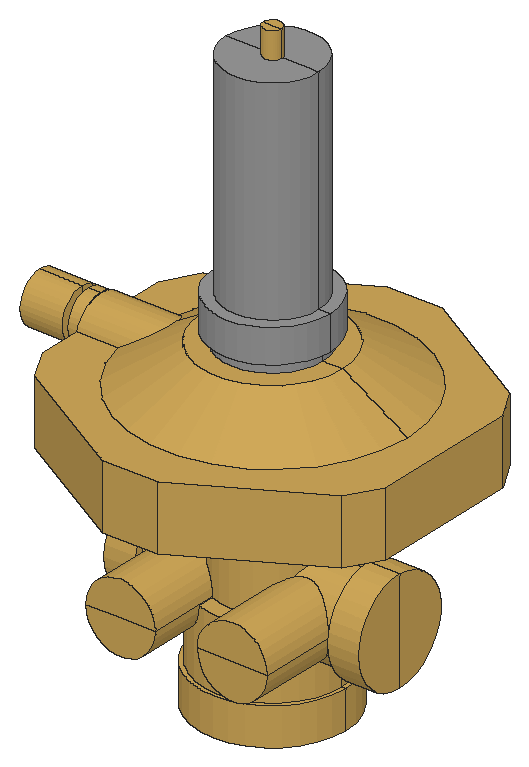
Revit family "Differenzdruckregler 4002 25-60kPa", category Rohrzubehör, Revit 2020
Family settings
  Bemaßung runder Anschluss = Durchmesser verwenden
  Teiletyp = Unterbricht
  OmniClass-Nummer = 23.65.55.14
  OmniClass-Titel = Valves for Liquid Services
  Arbeitsebenenbasiert = Nein
  Immer vertikal = Ja
  Beim Laden mit Abzugskörper schneiden = Nein
  Gemeinsam genutzt = Nein
Parameters (values of type "Ohne Dämmung")
  y2 [instance] = K14 + K9 + H01  # 45.649 mm
  y1 [instance] = (R03 * 2) + R05  # 66.000 mm
  Vorgabe-Ansicht = 0.000 mm
  PN = 16  # constant formula
  Min. Betriebstemperatur (Frostschutz) = -20 °C  # constant formula
  Max. zulässige Betriebstemperatur bis DN32 = 130 °C  # constant formula
  Max. zulässige Betriebstemperatur DN40 - DN50 = 110 °C  # constant formula
  Max. Differenzdruck am Gehäuse = 400000.0 Pa  # constant formula
  Max. Betriebsdruck = 1600000.0 Pa  # constant formula
  Ventilschaft = "Edelstahl 14301"  # constant formula
  VRL01 [instance] = 30.000 mm  # constant formula
  V12 = 17.000 mm  # constant formula
  V10 = 16.000 mm  # constant formula
  V09 [instance] = 11.000 mm  # constant formula
  V08 [instance] = G01 + 3.000 mm  # 16.220 mm
  V03 [instance] = G01 + 5.000 mm  # 18.220 mm
  V02 [instance] = V01 + 4.500 mm  # 12.000 mm
  V01 [instance] = Nennweite / 2  # 7.500 mm
  URL = "www.herz-armaturen.at"
  SCRNSEQ = "ARM;ARM_TYP=\"DIFR\";2"
  SCRNCODE = "05;03;4"  # constant formula
  S07 = 10.000 mm  # constant formula
  S05 [instance] = S01 - 1.000 mm  # 13.850 mm
  S04 [instance] = S02 - 1.000 mm  # 18.000 mm
  S03 [instance] = size_lookup("4002 25-60kPa", "S03", 26.500 mm, Nennweite)  # 25.600 mm
  S02 [instance] = size_lookup("4002 25-60kPa", "S02", 19.000 mm, Nennweite)  # 19.000 mm
  S01 [instance] = size_lookup("4002 25-60kPa", "S01", 14.850 mm, Nennweite)  # 14.850 mm
  Regleranschlussmutter = "Messing CW614N"  # constant formula
  Regelbereich = "25 - 60kPa"  # constant formula
  R06 [instance] = size_lookup("4002 25-60kPa", "R06", 14.500 mm, Nennweite)  # 14.500 mm
  R05 [instance] = size_lookup("4002 25-60kPa", "R05", 41.000 mm, Nennweite)  # 50.000 mm
  R04 [instance] = size_lookup("4002 25-60kPa", "R04", 12.500 mm, Nennweite)  # 12.500 mm
  R03 [instance] = size_lookup("4002 25-60kPa", "R03", 8.000 mm, Nennweite)  # 8.000 mm
  R02 = 14.500 mm  # constant formula
  R01 [instance] = size_lookup("4002 25-60kPa", "R01", 11.500 mm, Nennweite)  # 11.500 mm
  Min. Betriebstemperatur (reines Wasser) = 2 °C  # constant formula
  O-Ringe = "EPDM"  # constant formula
  Nennweite [instance] = 15.000 mm
  Membrangehäuse = "Messing CW602N"  # constant formula
  Membrane = "EPDM"  # constant formula
  Medium = "Wasserbeschaffenheit nach ÖNORM H 5195 und VDI 2035\r\nDie Verwendung von Ethylen- und Propylenglykol ist im\r\nMischungsverhältnis 25 - 50 Vol.-% zulässig."
  L07 [instance] = size_lookup("4002 25-60kPa", "L07", 28.500 mm, Nennweite)  # 33.000 mm
  L06 = 7.000 mm  # constant formula
  L [instance] = size_lookup("4002 25-60kPa", "L", 66.000 mm, Nennweite)  # 66.000 mm
  K9 = 4.000 mm  # constant formula
  K8 = 55.000 mm  # constant formula
  K7 = 8.700 mm  # constant formula
  K6 = 11.700 mm  # constant formula
  K5 = 13.000 mm  # constant formula
  K4 = 12.000 mm  # constant formula
  K3 = 15.000 mm  # constant formula
  K2 = 2.350 mm  # constant formula
  K18 = 89.000 mm  # constant formula
  K17 = 66.700 mm  # constant formula
  K16 = 3.000 mm  # constant formula
  K15 = 26.649 mm  # constant formula
  K14 = 16.649 mm  # constant formula
  K13 = 16.649 mm  # constant formula
  K12 = 10.000 mm  # constant formula
  K11 = 35.000 mm  # constant formula
  K10 = 18.250 mm  # constant formula
  K1.1 = 2.350 mm  # constant formula
  K1 = 7.651 mm - 1.000 mm  # 6.651 mm
  J9 = 15.700 mm  # constant formula
  J8 = 7.850 mm  # constant formula
  J7 = 15.897 mm  # constant formula
  J6 = 3.900 mm  # constant formula
  J5 = 6.500 mm  # constant formula
  J4 = 1.500 mm  # constant formula
  J3 = 3.200 mm  # constant formula
  J2 = 11.000 mm  # constant formula
  J11 = 3.500 mm  # constant formula
  J10 = 18.897 mm  # constant formula
  J1 = 6.500 mm  # constant formula
  Hersteller = "HERZ-Armaturen Ges.m.b.H"  # constant formula
  H2 [instance] = size_lookup("4002 25-60kPa", "H2", 28.000 mm, Nennweite)  # 28.000 mm
  H1 [instance] = K1 + K2 + K3 + K4 + K5 + K7 + K8 + K16 + 16.650 mm  # 132.351 mm
  H04 = 4.000 mm  # constant formula
  H03 = 9.800 mm  # constant formula
  H02 [instance] = size_lookup("4002 25-60kPa", "H02", 53.000 mm, Nennweite)  # 53.000 mm
  H01 [instance] = size_lookup("4002 25-60kPa", "H01", 25.000 mm, Nennweite)  # 25.000 mm
  Gehäuse = "DZR Messing CC770S"  # constant formula
  G01 [instance] = size_lookup("4002 25-60kPa", "G01", 13.220 mm, Nennweite)  # 13.220 mm
  Einstellspindel = "Messing CW614N"  # constant formula
  Hinweise zum Material = "Gemäß Art 33 der REACH-Verordnung (EG Nr. 1907/2006) sind wir verpflichtet, darauf hinzuweisen,\r\ndass der Stoff Blei auf der SVHC-Liste geführt wird und dass alle aus Messing bestehenden Bauteile,\r\ndie in unseren Erzeugnissen verarbeitet sind, mehr als 0,1 % (w/w) Blei (CAS: 7439-92-1 / EINECS:\r\n231-100-4) enthalten. Da Blei als Legierungsbestandteil fest gebunden ist, sind keine Expositionen zu\r\nerwarten und daher sind keine zusätzlichen Angaben zur sicheren Verwendung notwendig.\r\n\r\nIm Hanf enthaltenes Ammoniak schädigt\r\nMessingventilgehäuse, EPDM Dichtungen werden durch\r\nMineralöle bzw. mineralölhaltige Schmierstoffe aufgequollen\r\nund führen somit zum Ausfall der EPDM-Dichtungen. Für\r\nFrost- und Korrosionsschutzmittel auf der Basis von Ethylen- und Propylenglykol sind die entsprechenden\r\nAngaben den Unterlagen des Herstellers zu entnehmen."
  Dämmung = no
  Dämmschale = "EPP (expandiertes Polypropylen)"  # constant formula
  Druckfeder = "Federstahl 14310 NS"  # constant formula
  DN50 [instance] = Nennweite = 50.000 mm  # no
  DN40 [instance] = Nennweite = 40.000 mm  # no
  DN32-40 [instance] = or(Nennweite = 32.000 mm, Nennweite = 40.000 mm)  # no
  DN32 [instance] = Nennweite = 32.000 mm  # no
  DN25 [instance] = Nennweite = 25.000 mm  # no
  DN20 [instance] = Nennweite = 20.000 mm  # no
  DN15-25 [instance] = or(Nennweite = 15.000 mm, Nennweite = 20.000 mm, Nennweite = 25.000 mm)  # yes
  DN15,20,25,32,50 [instance] = or(Nennweite = 15.000 mm, Nennweite = 20.000 mm, Nennweite = 25.000 mm, Nennweite = 32.000 mm, Nennweite = 50.000 mm)  # yes
  DN15 [instance] = Nennweite = 15.000 mm  # yes
  D07 [instance] = if(Nennweite = 15.000 mm, 32.000 mm, if(Nennweite = 20.000 mm, 33.000 mm, if(Nennweite = 25.000 mm, 33.000 mm, if(Nennweite = 32.000 mm, 49.000 mm, if(Nennweite = 40.000 mm, 57.560 mm, if(Nennweite = 50.000 mm, 57.560 mm, 0.000 mm))))))  # 32.000 mm
  D06 [instance] = if(Nennweite = 15.000 mm, 32.000 mm, if(Nennweite = 20.000 mm, 33.000 mm, if(Nennweite = 25.000 mm, 33.000 mm, if(Nennweite = 32.000 mm, 49.000 mm, if(Nennweite = 40.000 mm, 57.560 mm, if(Nennweite = 50.000 mm, 57.560 mm, 0.000 mm))))))  # 32.000 mm
  D05 [instance] = if(Nennweite = 15.000 mm, 36.750 mm, if(Nennweite = 20.000 mm, 40.700 mm, if(Nennweite = 25.000 mm, 49.200 mm, if(Nennweite = 32.000 mm, 54.150 mm, if(Nennweite = 40.000 mm, 60.750 mm, if(Nennweite = 50.000 mm, 72.700 mm, 0.000 mm))))))  # 36.750 mm
  D04 [instance] = if(Nennweite = 15.000 mm, 78.500 mm, if(Nennweite = 20.000 mm, 82.000 mm, if(Nennweite = 25.000 mm, 84.000 mm, if(Nennweite = 32.000 mm, 120.000 mm, if(Nennweite = 40.000 mm, 130.000 mm, if(Nennweite = 50.000 mm, 130.500 mm, 0.000 mm))))))  # 78.500 mm
  D03 [instance] = if(Nennweite = 15.000 mm, 96.000 mm, if(Nennweite = 20.000 mm, 110.000 mm, if(Nennweite = 25.000 mm, 112.000 mm, if(Nennweite = 32.000 mm, 152.000 mm, if(Nennweite = 40.000 mm, 170.000 mm, if(Nennweite = 50.000 mm, 179.000 mm, 0.000 mm))))))  # 96.000 mm
  D02 [instance] = size_lookup("4002 25-60kPa", "R05", 41.000 mm, Nennweite)  # 50.000 mm
  D01 [instance] = size_lookup("4002 25-60kPa", "G01", 13.220 mm, Nennweite)  # 13.220 mm
  Bestellnummer Dämmung [instance] = if(and(Dämmung, Nennweite = 15.000 mm), 1409611, if(and(Dämmung, Nennweite = 20.000 mm), 1409612, if(and(Dämmung, Nennweite = 25.000 mm), 1409613, if(and(Dämmung, Nennweite = 32.000 mm), 1409614, if(and(Dämmung, Nennweite = 40.000 mm), 1409615, if(and(Dämmung, Nennweite = 50.000 mm), 1409616, 0))))))  # 0
  Bestellnummer [instance] = size_lookup("4002 25-60kPa", "Artnr", 0, Nennweite)  # 1400261
  B2 [instance] = size_lookup("4002 25-60kPa", "B2", 31.000 mm, Nennweite)  # 31.000 mm
  B1 [instance] = size_lookup("4002 25-60kPa", "B1", 26.000 mm, Nennweite)  # 26.000 mm
  B04 = 100.649 mm  # constant formula
  B03 = 44.500 mm  # constant formula
  B02 = 104.688 mm  # constant formula
  B01 = 10.000 mm  # constant formula
  Anzeigehülse = "Kunststoff (Rot)"  # constant formula
  Anwendungsgebiet = "Der Differenzdruckregler ist ein Regler mit linearer Kennlinie in Geradsitzausführung und arbeitet ohne\r\nHilfsenergie. Der gewünschte Differenzdruck-Sollwert kann zwischen 5 und 30 kPa; 25 und 60 kPa bzw.\r\n45 und 80 kPa stufenlos eingestellt werden. Der eingestellte Wert ist mit Hilfe des Einstelldiagrammes\r\nablesbar. Werksseitig ist der Sollwert auf Minimum eingestellt. Der erforderliche Sollwert wird mit dem\r\nEinstellwerkzeug (1 4006 02) eingestellt. Im Lieferumfang enthalten ist die Impulsleitung (1000 mm),\r\ndiese ist im Vorlauf einzubinden."
  Anschlussnippel = "Messing CW602N"  # constant formula
Types (2, lengths in mm): name | y2 | y1 | V08 | V03 | V02 | V01 | S03 | R05 | R04 | R03 | R01 | Nennweite | L07 | L | H2 | H02 | H01 | G01 | Dämmung | DN25 | DN15 | D07 | D06 | D05 | D04 | D03 | D02 | D01 | Bestellnummer Dämmung | Bestellnummer | B2 | B1
  Ohne Dämmung | 45.649 | 66.000 | 16.220 | 18.220 | 12.000 | 7.500 | 25.600 | 50.000 | 12.500 | 8.000 | 11.500 | 15.000 | 33.000 | 66.000 | 28.000 | 53.000 | 25.000 | 13.220 | no | no | yes | 32.000 | 32.000 | 36.750 | 78.500 | 96.000 | 50.000 | 13.220 | 0 | 1400261 | 31.000 | 26.000
  Mit Dämmung | 46.649 | 76.000 | 23.600 | 25.600 | 17.000 | 12.500 | 29.000 | 58.200 | 14.500 | 8.900 | 14.800 | 25.000 | 38.000 | 76.000 | 29.000 | 54.500 | 26.000 | 20.600 | yes | yes | no | 33.000 | 33.000 | 49.200 | 84.000 | 112.000 | 58.200 | 20.600 | 1409613 | 1400263 | 33.000 | 28.000
Reference planes
  plane 1 "Mitte (Vorne/hinten)": y = 0
  plane 2: z = 0
  plane 3 "Mitte (Links/rechts)": x = 0
Forms (mm)
  Revolve 1, solid, material "Messing, weicher Gelbton, geschweißt", detail levels fine
    sketch origin (0, 0, 0) x (1, 0, 0) y (0, 0, 1)
      loop
        line (-33, 0) -> (33, 0) -> (33, 13.22) -> (25, 13.22) -> (25, 11.5) -> (-25, 11.5) -> (-25, 13.22) -> (-33, 13.22) -> (-33, 0)
      axis (-33, 0) -> (33, 0)
    angle from 0 to 360
  Revolve 2, solid, material "Messing, weicher Gelbton, geschweißt", detail levels fine
    sketch origin (0, 0, 0) x (1, 0, 0) y (0, 0, 1)
      loop
        line (0, -28) -> (0, 0) -> (-18, 0) -> (-18, -18.2) -> (-19, -18.2) -> (-19, -28) -> (0, -28)
      axis (0, 0) -> (0, -28)
    angle from 0 to 360
  Extrusion 3, solid, material "Messing, weicher Gelbton, geschweißt", detail levels fine
    sketch origin (0, 0, 0) x (0, -1, 0) y (1, 0, 0)
      loop
        line (-46, -7.038) -> (-27.114, -39.75) -> (-18.886, -44.5) -> (18.886, -44.5) -> (27.114, -39.75) -> (46, -7.038) -> (46, 7.038) -> (27.114, 39.75) -> (18.886, 44.5) -> (-18.886, 44.5) -> (-27.114, 39.75) -> (-46, 7.038) -> (-46, -7.038)
    from 29 to 45.649
  Revolve 4, solid, material "Messing, weicher Gelbton, geschweißt", detail levels fine
    sketch origin (0, 0, -7.051) x (1, 0, 0) y (0, 0, 1)
      loop
        line (0, 52.7) -> (0, 62.7) -> (-18.25, 62.7) -> (-35, 52.7) -> (0, 52.7)
      axis (0, 62.7) -> (0, 52.7)
    angle from 0 to 360
  Revolve 5, solid, material "Messing, weicher Gelbton, geschweißt", visible <- "DN15-25", detail levels fine
    sketch origin (-11, 0, 0) x (1, 0, 0) y (0, 1, 0)
      loop
        line (-1.5, 26) -> (-9.2, 26) -> (-9.2, 0) -> (-1.5, 0) -> (-1.5, 26)
      axis (-1.5, 0) -> (-1.5, 26)
    angle from 0 to 360
  Revolve 6, solid, material "Messing, weicher Gelbton, geschweißt", visible <- "DN15,20,25,32,50", detail levels fine
    sketch origin (-0.988, 0, -6.853) x (-1, 0, 0) y (0, 0, 1)
      loop
        line (43.5, 51.75) -> (59.2, 51.75) -> (59.2, 58.25) -> (48.2, 58.25) -> (48.2, 55.65) -> (46.7, 55.65) -> (46.7, 58.25) -> (43.5, 58.25) -> (43.5, 51.75)
      axis (43.5, 51.75) -> (59.2, 51.75)
    angle from 0 to 360
  Extrusion 7, solid, material "Messing, weicher Gelbton, geschweißt", visible <- "DN15,20,25,32,50", detail levels fine
    sketch origin (0, 0, 0) x (0, 1, 0) y (0, 0, -1)
      loop
        line (7.85, -43.547) -> (7.85, -32.5) -> (-7.85, -32.5) -> (-7.85, -43.547)
        arc (-7.85, -43.547) -> (0, -51.397) -> (7.85, -43.547) r 7.85
    from 0 to 44.5
  Revolve 8, solid, material "Kunststoff rot", detail levels fine
    sketch origin (0, 0, 0) x (1, 0, 0) y (0, 0, 1)
      loop
        line (-12, 122.349) -> (-12, 67.349) -> (-15, 67.349) -> (-15, 58.649) -> (-13, 58.649) -> (-13, 55.649) -> (0, 55.649) -> (0, 122.349) -> (-12, 122.349)
      axis (0, 122.349) -> (0, 55.649)
    angle from 0 to 360
  Revolve 9, solid, material "Messing, weicher Gelbton, geschweißt", visible <- "DN15-25", detail levels fine
    sketch origin (-2, 0, 0) x (1, 0, 0) y (0, 1, 0)
      loop
        line (-12.5, 0) -> (-21.5, 0) -> (-21.5, -31) -> (-12.5, -31) -> (-12.5, 0)
      axis (-12.5, 0) -> (-12.5, -31)
    angle from 0 to 360
  Revolve 10, solid, material "Messing, weicher Gelbton, geschweißt", visible <- "DN15-25", detail levels fine
    sketch origin (2, 0, 0) x (1, 0, 0) y (0, 1, 0)
      loop
        line (12.5, 0) -> (12.5, -31) -> (21.6, -31) -> (21.6, 0) -> (12.5, 0)
      axis (12.5, 0) -> (12.5, -31)
    angle from 0 to 360
  Extrusion 11, solid, material "Messing, weicher Gelbton, geschweißt", visible <- "DN32", detail levels fine
    sketch origin (-31.5, 0, 0) x (1, 0, 0) y (0, 1, 0)
      loop
        circle (63, 0) r 6.578
      loop
        circle (63, 0) r 3.28
    from -47 to 0
  Extrusion 12, solid, material "Messing, weicher Gelbton, geschweißt", visible <- "DN32", detail levels fine
    sketch origin (31.5, 0, 0) x (-1, 0, 0) y (0, -1, 0)
      loop
        circle (63, 0) r 6.578
      loop
        circle (63, 0) r 3.28
    from -47 to 0
  Revolve 13, solid, material "Messing, weicher Gelbton, geschweißt", detail levels fine
    sketch origin (0, 0, 0) x (1, 0, 0) y (0, 0, 1)
      loop
        line (-13.85, 0) -> (0, 0) -> (0, 29) -> (-9.85, 29) -> (-9.85, 25) -> (-14.85, 25) -> (-14.85, 15.2) -> (-13.85, 15.2) -> (-13.85, 0)
      axis (0, 29) -> (0, 0)
    angle from 0 to 360
  Extrusion 14, solid, material "Messing, weicher Gelbton, geschweißt", visible <- "DN40", detail levels fine
    sketch origin (29.382, 0, 0) x (-1, 0, 0) y (0, -1, 0)
      loop
        circle (63, 0) r 6.578
      loop
        circle (63, 0) r 3.28
    from -58 to 0
  Extrusion 15, solid, material "Messing, weicher Gelbton, geschweißt", visible <- "DN40", detail levels fine
    sketch origin (-29.455, 0, 0) x (1, 0, 0) y (0, 1, 0)
      loop
        circle (63, 0) r 6.578
      loop
        circle (63, 0) r 3.28
    from -58 to 0
  Extrusion 16, solid, material "Messing, weicher Gelbton, geschweißt", visible <- "DN50", detail levels fine
    sketch origin (28.422, 0, 0) x (-1, 0, 0) y (0, -1, 0)
      loop
        circle (63, 0) r 6.578
      loop
        circle (63, 0) r 3.28
    from -58 to 0
  Extrusion 17, solid, material "Messing, weicher Gelbton, geschweißt", visible <- "DN50", detail levels fine
    sketch origin (-28.422, 0, 0) x (1, 0, 0) y (0, 1, 0)
      loop
        circle (63, 0) r 6.578
      loop
        circle (63, 0) r 3.28
    from -58 to 0
  Revolve 18, solid, material "Messing, weicher Gelbton, geschweißt", detail levels fine
    sketch origin (0, 0, 10) x (1, 0, 0) y (0, 0, 1)
      loop
        line (-2.35, 111.349) -> (0, 111.349) -> (0, 119) -> (-2.35, 119) -> (-2.35, 111.349)
      axis (0, 119) -> (0, 111.349)
    angle from 0 to 360
  Revolve 19, solid, material "Messing, weicher Gelbton, geschweißt", visible <- "DN32-40", detail levels fine
    sketch origin (-11, 0, 0) x (1, 0, 0) y (0, 1, 0)
      loop
        line (-1.5, -26) -> (-1.5, 0) -> (-9.2, 0) -> (-9.2, -26) -> (-1.5, -26)
      axis (-1.5, 0) -> (-1.5, -26)
    angle from 0 to 360
  Extrusion 20, solid, material "Messing, weicher Gelbton, geschweißt", visible <- "DN40", detail levels fine
    sketch origin (0, 0, 0) x (0, 1, 0) y (0, 0, 1)
      loop
        arc (7.85, 74.047) -> (0, 81.897) -> (-7.85, 74.047) r 7.85
        line (-7.85, 74.047) -> (-7.85, 63) -> (7.85, 63) -> (7.85, 74.047)
    from 0 to 44.5
  Revolve 21, solid, material "Messing, weicher Gelbton, geschweißt", visible <- "DN40", detail levels fine
    sketch origin (0.988, 0, -6.853) x (1, 0, 0) y (0, 0, 1)
      loop
        line (43.5, 82.25) -> (59.2, 82.25) -> (59.2, 88.75) -> (48.2, 88.75) -> (48.2, 86.15) -> (46.7, 86.15) -> (46.7, 88.75) -> (43.5, 88.75) -> (43.5, 82.25)
      axis (43.5, 82.25) -> (59.2, 82.25)
    angle from 0 to 360
  Revolve 22, solid, material "Messing, weicher Gelbton, geschweißt", not visible, detail levels fine
    sketch origin (12.3, 0, 0) x (-1, 0, 0) y (0, 0, 1)
      loop
        line (45.3, 0) -> (75.3, 0) -> (75.3, 7.5) -> (58.3, 7.5) -> (58.3, 12) -> (49.3, 12) -> (49.3, 18.22) -> (42.3, 18.22) -> (42.3, 16.22) -> (37.3, 16.22) -> (37.3, 13.22) -> (45.3, 13.22) -> (45.3, 0)
      axis (37.3, 0) -> (75.3, 0)
    angle from 0 to 360
  Revolve 23, solid, material "Messing, weicher Gelbton, geschweißt", not visible, detail levels fine
    sketch origin (-12.3, 0, 0) x (1, 0, 0) y (0, 0, 1)
      loop
        line (45.3, 0) -> (75.3, 0) -> (75.3, 7.5) -> (58.3, 7.5) -> (58.3, 12) -> (49.3, 12) -> (49.3, 18.22) -> (42.3, 18.22) -> (42.3, 16.22) -> (37.3, 16.22) -> (37.3, 13.22) -> (45.3, 13.22) -> (45.3, 0)
      axis (37.3, 0) -> (75.3, 0)
    angle from 0 to 360
  Revolve 24, solid, material "Kunststoff-Anthrazit/Schwarz", visible <- "Dämmung", detail levels fine
    sketch origin (0, 0, 0) x (1, 0, 0) y (0, 0, 1)
      loop
        line (48, 32) -> (-48, 32) -> (-48, 13.22) -> (-25, 13.22) -> (-25, 0) -> (25, 0) -> (25, 13.22) -> (48, 13.22) -> (48, 32)
      axis (-48, 0) -> (48, 0)
    angle from 0 to 360
  Revolve 25, solid, material "Kunststoff-Anthrazit/Schwarz", visible <- "Dämmung", detail levels fine
    sketch origin (0, 0, 0) x (1, 0, 0) y (0, 0, 1)
      loop
        line (0, -46.5) -> (36.75, -46.5) -> (36.75, 32) -> (0, 32) -> (0, -46.5)
      axis (0, 32) -> (0, -46.5)
    angle from 0 to 360
  Extrusion 26, void
    sketch origin (-473.525, -85, 0) x (1, 0, 0) y (0, 1, 0)
      loop
        line (328.595, -39.754) -> (603.525, -39.754) -> (603.525, 170) -> (328.595, 170) -> (328.595, -39.754)
    from 29 to 45.649
  Extrusion 27, void
    sketch origin (-329.879, -55, 0) x (1, 0, 0) y (0, 1, 0)
      loop
        line (182.147, -28.807) -> (489.879, -28.807) -> (489.879, 155) -> (182.147, 155) -> (182.147, -28.807)
    from 29 to 45.649
Cuts and joins
  Extrusion 26 cuts Revolve 24
  Extrusion 27 cuts Revolve 25
Lines and regions (mm)
  model lines, detail levels coarse+medium
    curve 1: line (33, -13.22, 0) -> (33, 13.22, 0)
    curve 2: line (33, 13.22, 0) -> (-33, -13.22, 0)
    curve 3: line (-33, -13.22, 0) -> (-33, 13.22, 0)
    curve 4: line (-33, 13.22, 0) -> (33, -13.22, 0)
    curve 5: line (0, -15, 0) -> (0, -29, 0)
    curve 6: spline (-44.5, -37.324, 0) -> (-42.984, -35.17, 0) -> (-38.538, -33.162, 0) -> (-31.466, -31.438, 0) -> (-22.25, -30.115, 0) -> (-11.517, -29.284, 0) -> (0, -29, 0) -> (11.517, -29.284, 0) -> (22.25, -30.115, 0) -> (31.466, -31.438, 0) -> (38.538, -33.162, 0) -> (42.984, -35.17, 0) -> (44.5, -37.325, 0) -> (42.984, -39.479, 0) -> (38.538, -41.487, 0) -> (31.466, -43.211, 0) -> (22.25, -44.534, 0) -> (11.517, -45.365, 0) -> (0, -45.649, 0) -> (-11.517, -45.365, 0) -> (-22.25, -44.534, 0) -> (-31.466, -43.211, 0) -> (-38.538, -41.487, 0) -> (-42.984, -39.479, 0) -> (-44.5, -37.324, 0)
    curve 7: line (-33, 0, 13.22) -> (-33, 0, -13.22)
    curve 8: line (-33, 0, -13.22) -> (33, 0, 13.22)
    curve 9: line (33, 0, 13.22) -> (33, 0, -13.22)
    curve 10: line (33, 0, -13.22) -> (-33, 0, 13.22)
    curve 11: line (0, 0, 13.22) -> (0, 0, 29)
    curve 12: spline (-44.5, 0, 37.325) -> (-42.984, 0, 39.479) -> (-38.538, 0, 41.487) -> (-31.466, 0, 43.211) -> (-22.25, 0, 44.534) -> (-11.517, 0, 45.365) -> (0, 0, 45.649) -> (11.517, 0, 45.365) -> (22.25, 0, 44.534) -> (31.466, 0, 43.211) -> (38.538, 0, 41.487) -> (42.984, 0, 39.479) -> (44.5, 0, 37.324) -> (42.984, 0, 35.17) -> (38.538, 0, 33.162) -> (31.466, 0, 31.438) -> (22.25, 0, 30.115) -> (11.517, 0, 29.284) -> (0, 0, 29) -> (-11.517, 0, 29.284) -> (-22.25, 0, 30.115) -> (-31.466, 0, 31.438) -> (-38.538, 0, 33.162) -> (-42.984, 0, 35.17) -> (-44.5, 0, 37.325)
    curve 13: line (0, 0, 13.22) -> (16.5, 0, 6.61)
    curve 14: line (0, 0, 13.22) -> (-16.5, 0, 6.61)
    curve 15: line (33, 0, 0) -> (63, 0, 0)
    curve 16: line (-33, 0, 0) -> (-63, 0, 0)
    curve 17: line (0, -15, 0) -> (-22.716, -9.1, 0)
    curve 18: line (0, -15, 0) -> (22.716, -9.1, 0)
    curve 19: line (33, 0, 13.22) -> (33, 0, -13.22)
    curve 20: line (33, 0, 13.22) -> (43, 0, 13.22)
    curve 21: line (43, 0, 13.22) -> (33, 0, 0)
    curve 22: line (43, 0, -13.22) -> (33, 0, 0)
    curve 23: line (33, 0, -13.22) -> (43, 0, -13.22)
    curve 24: line (-33, 0, 13.22) -> (-33, 0, -13.22)
    curve 25: line (-33, 0, 13.22) -> (-43, 0, 13.22)
    curve 26: line (-43, 0, 13.22) -> (-33, 0, 0)
    curve 27: line (-43, 0, -13.22) -> (-33, 0, 0)
    curve 28: line (-33, 0, -13.22) -> (-43, 0, -13.22)
    curve 29: line (-33, 13.22, 0) -> (-43, 13.22, 0)
    curve 30: line (-43, 13.22, 0) -> (-33, 0, 0)
    curve 31: line (-33, -13.22, 0) -> (-43, -13.22, 0)
    curve 32: line (-43, -13.22, 0) -> (-33, 0, 0)
    curve 33: line (33, -13.22, 0) -> (33, 13.22, 0)
    curve 34: line (33, 13.22, 0) -> (43, 13.22, 0)
    curve 35: line (43, 13.22, 0) -> (33, 0, 0)
    curve 36: line (33, -13.22, 0) -> (43, -13.22, 0)
    curve 37: line (43, -13.22, 0) -> (33, 0, 0)
Dimensions and locks
  "G01": Revolve 1 sketch curve to Revolve 1 sketch curve  (x2)
  "R01": Revolve 1 sketch curve to Revolve 1 sketch curve
  "R03": Revolve 1 sketch curve to Revolve 1 sketch curve  (x2)
  "K10": Revolve 4 sketch curve to Revolve 4 sketch curve
  "K11": Revolve 4 sketch curve to Revolve 4 sketch curve
  "B1": Revolve 5 sketch curve to Revolve 5 sketch curve
  "J1": Revolve 6 sketch curve to Revolve 6 sketch curve
  "J3": Revolve 6 sketch curve to Revolve 6 sketch curve
  "J4": Revolve 6 sketch curve to Revolve 6 sketch curve
  "J2": Revolve 6 sketch curve to Revolve 6 sketch curve
  "J5": Revolve 6 sketch curve to Revolve 6 sketch curve
  "J6": Revolve 6 sketch curve to Revolve 6 sketch curve
  "H2": plane 2 to Revolve 2 sketch curve
  "H03": Revolve 2 sketch curve to Revolve 2 sketch curve
  "S02": plane 3 "Mitte (Links/rechts)" to Revolve 2 sketch curve
  "B02": Revolve 6 to Extrusion 3
  "B03": Extrusion 3 to plane 3 "Mitte (Links/rechts)"
  "R04": Revolve 5 sketch curve to plane 3 "Mitte (Links/rechts)"
  "K4": Revolve 8 sketch curve to Revolve 8 sketch curve
  "K3": Revolve 8 sketch curve to Revolve 8 sketch curve
  "K7": Revolve 8 sketch curve to Revolve 8 sketch curve
  "K5": Revolve 8 sketch curve to Revolve 8 sketch curve
  "K8": Revolve 8 sketch curve to Revolve 8 sketch curve
  "K12": Revolve 4 sketch curve to Revolve 4 sketch curve
  "K13": Revolve 4 sketch curve to Extrusion 3
  "K14": Extrusion 3 to Extrusion 3
  "K16": Revolve 8 sketch curve to Revolve 8 sketch curve
  "K15": Revolve 8 to Extrusion 3
  "R05": Revolve 1 sketch curve to Revolve 1 sketch curve
  plane 3 "Mitte (Links/rechts)" to Revolve 1 sketch curve = 33.000 mm
  Revolve 1 sketch curve to plane 3 "Mitte (Links/rechts)" = 33.000 mm
  equal spacing: Revolve 1 sketch curve, plane 3 "Mitte (Links/rechts)", Revolve 1 sketch curve
  "B2": plane 1 "Mitte (Vorne/hinten)" to Revolve 9 sketch curve
  "B2": Revolve 10 sketch curve to plane 1 "Mitte (Vorne/hinten)"
  "R06": Revolve 9 sketch curve to plane 3 "Mitte (Links/rechts)"
  "R06": plane 3 "Mitte (Links/rechts)" to Revolve 10 sketch curve
  "S01": Revolve 13 sketch curve to plane 3 "Mitte (Links/rechts)"
  "S05": plane 3 "Mitte (Links/rechts)" to Revolve 13 sketch curve
  "H04": Revolve 13 sketch curve to Revolve 13 sketch curve
  "H03": Revolve 13 sketch curve to Revolve 13 sketch curve
  "H01": Revolve 13 sketch curve to plane 2
  "K9": Extrusion 3 to Revolve 13
  Revolve 2 sketch curve to Revolve 2 sketch curve = 1.000 mm
  "J7": Revolve 6 sketch curve to Extrusion 3
  "J9": Extrusion 7 sketch curve to Extrusion 7 sketch curve
  "J10": Revolve 6 to Extrusion 7 sketch curve
  "J11": Extrusion 7 sketch curve to Extrusion 3
  equal spacing: curve 7, curve 6, curve 9
  "K18": Extrusion 3 to Extrusion 3
  equal spacing: curve 7, curve 14, curve 14
  equal spacing: curve 14, curve 13, curve 9
  "G01": curve 10 to plane 2
  "G01": plane 2 to curve 8
  "G01": curve 9 to plane 2
  "G01": plane 2 to curve 10
  "K18": curve 12 to curve 12
  "y1": curve 7 to curve 9
  "G01": curve 14 to plane 2
  "K14": curve 12 to curve 12
  "y2": curve 12 to plane 2
  "G01": plane 1 "Mitte (Vorne/hinten)" to curve 4
  "G01": curve 3 to plane 1 "Mitte (Vorne/hinten)"
  equal spacing: curve 3, curve 12, curve 1
  equal spacing: curve 3, curve 18, curve 1
  "y1": curve 3 to curve 1
  "G01": plane 1 "Mitte (Vorne/hinten)" to curve 2
  "G01": curve 4 to plane 1 "Mitte (Vorne/hinten)"
  "K18": curve 6 to curve 6
  "K14": curve 6 to curve 6
  "y2": curve 6 to plane 1 "Mitte (Vorne/hinten)"
  "K1": Revolve 18 sketch curve to Revolve 8
  "K1.1": plane 3 "Mitte (Links/rechts)" to Revolve 18 sketch curve
  "B1": Revolve 19 sketch curve to Revolve 19 sketch curve
  "R04": Revolve 19 sketch curve to plane 3 "Mitte (Links/rechts)"
  Revolve 18 to Revolve 2 = 157.000 mm
  "J9": Extrusion 20 sketch curve to Extrusion 20 sketch curve
  "J1": Revolve 21 sketch curve to Revolve 21 sketch curve
  "J3": Revolve 21 sketch curve to Revolve 21 sketch curve
  "J4": Revolve 21 sketch curve to Revolve 21 sketch curve
  "J2": Revolve 21 sketch curve to Revolve 21 sketch curve
  "J5": Revolve 21 sketch curve to Revolve 21 sketch curve
  "J6": Revolve 21 sketch curve to Revolve 21 sketch curve
  "R03": Revolve 22 sketch curve to Revolve 22 sketch curve
  "V10": Revolve 22 sketch curve to Revolve 22 sketch curve
  "V12": Revolve 22 sketch curve to Revolve 22 sketch curve
  "VRL01": Revolve 22 sketch curve to Revolve 22 sketch curve
  "V02": Revolve 22 sketch curve to plane 2
  "V01": Revolve 22 sketch curve to plane 2
  "G01": Revolve 22 sketch curve to plane 2
  "V08": Revolve 22 sketch curve to plane 2
  "V03": Revolve 22 sketch curve to plane 2
  "R03": Revolve 23 sketch curve to Revolve 23 sketch curve
  "V10": Revolve 23 sketch curve to Revolve 23 sketch curve
  "V12": Revolve 23 sketch curve to Revolve 23 sketch curve
  "VRL01": Revolve 23 sketch curve to Revolve 23 sketch curve
  "V01": Revolve 23 sketch curve to plane 2
  "V02": Revolve 23 sketch curve to plane 2
  "G01": Revolve 23 sketch curve to plane 2
  "V08": Revolve 23 sketch curve to plane 2
  "V03": Revolve 23 sketch curve to plane 2
  "L07": Revolve 22 to plane 3 "Mitte (Links/rechts)"
  "L07": plane 3 "Mitte (Links/rechts)" to Revolve 23
  "S07": curve 28 to Revolve 22
  "S07": curve 26 to Revolve 22
  "S07": Revolve 23 to curve 21
  "S07": Revolve 23 to curve 23
  "G01": plane 2 to curve 28
  "G01": curve 25 to plane 2
  "G01": curve 20 to plane 2
  "G01": plane 2 to curve 23
  "S07": curve 30 to curve 3
  "S07": curve 32 to curve 3
  "S07": curve 33 to curve 35
  "S07": curve 33 to curve 37
  "D01": Revolve 24 sketch curve to plane 2  (x2)
  "D03": Revolve 24 sketch curve to Revolve 24 sketch curve
  "D02": Revolve 24 sketch curve to Revolve 24 sketch curve
  equal spacing: Revolve 24 sketch curve, plane 3 "Mitte (Links/rechts)", Revolve 24 sketch curve  (x2)
  "D05": Revolve 25 sketch curve to Revolve 25 sketch curve
  "D04": Revolve 25 sketch curve to Revolve 25 sketch curve
  "D06": Revolve 25 sketch curve to plane 2
  Revolve 9 to plane 1 "Mitte (Vorne/hinten)" = 31.000 mm
  "D07": Revolve 24 sketch curve to plane 2
  "K14": Extrusion 26 to Extrusion 26
  "K14": Extrusion 26 to Extrusion 3
  "K14": Extrusion 27 to Extrusion 27
  "K14": Extrusion 27 to Extrusion 3
  "J8": radius of Extrusion 7 sketch curve
  "J8": radius of Extrusion 20 sketch curve
  aligned and locked: level to plane 2
Automatic sketch dimensions
  plane 3 "Mitte (Links/rechts)" to Extrusion 3 sketch curve = 7.038 mm  (x2)
  Extrusion 3 sketch curve to plane 1 "Mitte (Vorne/hinten)" = 46.000 mm
  Extrusion 3 sketch curve to plane 1 "Mitte (Vorne/hinten)" = 27.114 mm  (x2)
  Extrusion 3 sketch curve to Extrusion 3 sketch curve = 8.227 mm  (x4)
  plane 1 "Mitte (Vorne/hinten)" to Extrusion 3 sketch curve = 18.886 mm  (x2)
  Extrusion 3 sketch curve to Extrusion 3 sketch curve = 18.886 mm
  Extrusion 3 sketch curve to plane 3 "Mitte (Links/rechts)" = 7.038 mm  (x2)
  Extrusion 3 sketch curve to Extrusion 3 sketch curve = 32.712 mm  (x4)
  Extrusion 3 sketch curve to Extrusion 3 sketch curve = 4.750 mm  (x2)
  Extrusion 11 sketch curve to Extrusion 11 sketch curve = 0.000 mm  (x2)
  plane 1 "Mitte (Vorne/hinten)" to Extrusion 11 sketch curve = 0.000 mm
  plane 3 "Mitte (Links/rechts)" to Extrusion 11 sketch curve = 31.500 mm
  Extrusion 12 sketch curve to Extrusion 12 sketch curve = 0.000 mm  (x2)
  plane 1 "Mitte (Vorne/hinten)" to Extrusion 12 sketch curve = 0.000 mm
  plane 3 "Mitte (Links/rechts)" to Extrusion 12 sketch curve = 31.500 mm
  Extrusion 14 sketch curve to Extrusion 14 sketch curve = 0.000 mm  (x2)
  plane 1 "Mitte (Vorne/hinten)" to Extrusion 14 sketch curve = 0.000 mm
  plane 3 "Mitte (Links/rechts)" to Extrusion 14 sketch curve = 33.618 mm
  Extrusion 15 sketch curve to Extrusion 15 sketch curve = 0.000 mm  (x2)
  plane 1 "Mitte (Vorne/hinten)" to Extrusion 15 sketch curve = 0.000 mm
  plane 3 "Mitte (Links/rechts)" to Extrusion 15 sketch curve = 33.545 mm
  Extrusion 16 sketch curve to Extrusion 16 sketch curve = 0.000 mm  (x2)
  plane 1 "Mitte (Vorne/hinten)" to Extrusion 16 sketch curve = 0.000 mm
  plane 3 "Mitte (Links/rechts)" to Extrusion 16 sketch curve = 34.578 mm
  Extrusion 17 sketch curve to Extrusion 17 sketch curve = 0.000 mm  (x2)
  plane 1 "Mitte (Vorne/hinten)" to Extrusion 17 sketch curve = 0.000 mm
  plane 3 "Mitte (Links/rechts)" to Extrusion 17 sketch curve = 34.578 mm
  plane 1 "Mitte (Vorne/hinten)" to Extrusion 26 sketch curve = 124.754 mm
  Extrusion 26 sketch curve to plane 1 "Mitte (Vorne/hinten)" = 85.000 mm
  Extrusion 26 sketch curve to plane 3 "Mitte (Links/rechts)" = 144.930 mm
  Extrusion 26 sketch curve to Extrusion 26 sketch curve = 274.930 mm
  plane 1 "Mitte (Vorne/hinten)" to Extrusion 27 sketch curve = 83.807 mm
  Extrusion 27 sketch curve to plane 1 "Mitte (Vorne/hinten)" = 100.000 mm
  Extrusion 27 sketch curve to plane 3 "Mitte (Links/rechts)" = 147.731 mm
  Extrusion 27 sketch curve to Extrusion 27 sketch curve = 307.731 mm
  curve 16 to level = 0.000 mm
  curve 11 to plane 3 "Mitte (Links/rechts)" = 0.000 mm
  curve 12 to plane 3 "Mitte (Links/rechts)" = 0.000 mm
  curve 15 to level = 0.000 mm
  curve 16 to curve 16 = 30.000 mm
  curve 15 to curve 15 = 30.000 mm
  plane 1 "Mitte (Vorne/hinten)" to curve 30 = 0.000 mm
  plane 1 "Mitte (Vorne/hinten)" to curve 32 = 0.000 mm
  curve 18 to plane 3 "Mitte (Links/rechts)" = 0.000 mm
  curve 6 to plane 3 "Mitte (Links/rechts)" = 0.000 mm
  plane 1 "Mitte (Vorne/hinten)" to curve 37 = 0.000 mm
  plane 1 "Mitte (Vorne/hinten)" to curve 35 = 0.000 mm
  curve 5 to curve 5 = 14.000 mm
  plane 1 "Mitte (Vorne/hinten)" to curve 17 = 9.100 mm
  plane 1 "Mitte (Vorne/hinten)" to curve 18 = 9.100 mm
  Revolve 1 sketch curve to level = 0.000 mm  (x2)
  Revolve 1 sketch curve to Revolve 1 sketch curve = 1473.530 mm
  Revolve 1 sketch curve to Revolve 1 sketch curve = 1806.148 mm
  Revolve 2 sketch curve to level = 0.000 mm
  Revolve 2 sketch curve to plane 3 "Mitte (Links/rechts)" = 0.000 mm  (x2)
  Revolve 2 sketch curve to Revolve 2 sketch curve = 1.000 mm
  Revolve 2 sketch curve to Revolve 2 sketch curve = 334.045 mm
  level to Revolve 2 sketch curve = 2218.015 mm
  Revolve 4 sketch curve to plane 3 "Mitte (Links/rechts)" = 0.000 mm  (x2)
  Revolve 4 sketch curve to level = 373.096 mm
  Revolve 4 sketch curve to Revolve 4 sketch curve = 2155.315 mm
  plane 1 "Mitte (Vorne/hinten)" to Revolve 5 sketch curve = 0.000 mm  (x2)
  Revolve 5 sketch curve to Revolve 5 sketch curve = 0.000 mm  (x2)
  Revolve 5 sketch curve to Revolve 5 sketch curve = 7.700 mm
  plane 3 "Mitte (Links/rechts)" to Revolve 6 sketch curve = 44.488 mm
  Revolve 6 sketch curve to Revolve 6 sketch curve = 0.000 mm  (x3)
  Extrusion 7 sketch curve to plane 1 "Mitte (Vorne/hinten)" = 0.000 mm
  Extrusion 7 sketch curve to Extrusion 7 sketch curve = 11.047 mm
  Extrusion 7 sketch curve to Extrusion 7 sketch curve = 0.000 mm
  Revolve 8 sketch curve to plane 3 "Mitte (Links/rechts)" = 0.000 mm  (x2)
  level to Revolve 8 sketch curve = 55.649 mm
  Revolve 8 sketch curve to Revolve 8 sketch curve = 0.000 mm  (x2)
  plane 1 "Mitte (Vorne/hinten)" to Revolve 9 sketch curve = 0.000 mm  (x2)
  Revolve 9 sketch curve to Revolve 9 sketch curve = 9.000 mm
  Revolve 9 sketch curve to Revolve 9 sketch curve = 0.000 mm  (x2)
  plane 1 "Mitte (Vorne/hinten)" to Revolve 10 sketch curve = 0.000 mm  (x2)
  Revolve 10 sketch curve to Revolve 10 sketch curve = 9.100 mm
  Revolve 10 sketch curve to Revolve 10 sketch curve = 0.000 mm  (x2)
  Revolve 13 sketch curve to level = 0.000 mm  (x2)
  Revolve 13 sketch curve to plane 3 "Mitte (Links/rechts)" = 0.000 mm  (x2)
  Revolve 13 sketch curve to Revolve 13 sketch curve = 5.000 mm
  Revolve 13 sketch curve to Revolve 13 sketch curve = 0.000 mm
  Revolve 18 sketch curve to plane 3 "Mitte (Links/rechts)" = 0.000 mm  (x2)
  Revolve 18 sketch curve to Revolve 18 sketch curve = 7.651 mm
  Revolve 18 sketch curve to Revolve 18 sketch curve = 0.000 mm  (x2)
  plane 1 "Mitte (Vorne/hinten)" to Revolve 19 sketch curve = 0.000 mm  (x2)
  Revolve 19 sketch curve to Revolve 19 sketch curve = 7.700 mm
  Revolve 19 sketch curve to Revolve 19 sketch curve = 0.000 mm  (x2)
  Extrusion 20 sketch curve to plane 1 "Mitte (Vorne/hinten)" = 0.000 mm
  level to Extrusion 20 sketch curve = 63.000 mm
  Extrusion 20 sketch curve to Extrusion 20 sketch curve = 11.047 mm
  Extrusion 20 sketch curve to Extrusion 20 sketch curve = 0.000 mm
  plane 3 "Mitte (Links/rechts)" to Revolve 21 sketch curve = 44.488 mm
  level to Revolve 21 sketch curve = 75.397 mm
  Revolve 21 sketch curve to Revolve 21 sketch curve = 0.000 mm  (x3)
  Revolve 22 sketch curve to level = 0.000 mm  (x2)
  plane 3 "Mitte (Links/rechts)" to Revolve 22 sketch curve = 25.000 mm
  Revolve 22 sketch curve to Revolve 22 sketch curve = 4.000 mm
  Revolve 22 sketch curve to Revolve 22 sketch curve = 0.000 mm  (x2)
  Revolve 23 sketch curve to level = 0.000 mm  (x2)
  plane 3 "Mitte (Links/rechts)" to Revolve 23 sketch curve = 25.000 mm
  Revolve 23 sketch curve to Revolve 23 sketch curve = 4.000 mm
  Revolve 23 sketch curve to Revolve 23 sketch curve = 0.000 mm  (x2)
  curve 26 to level = 0.000 mm
  curve 27 to level = 0.000 mm
  curve 22 to level = 0.000 mm
  curve 21 to level = 0.000 mm
  curve 27 to curve 28 = 10.000 mm
  curve 19 to curve 20 = 10.000 mm
  Revolve 24 sketch curve to level = 0.000 mm  (x2)
  Revolve 24 sketch curve to Revolve 24 sketch curve = 0.000 mm  (x2)
  Revolve 25 sketch curve to plane 3 "Mitte (Links/rechts)" = 0.000 mm  (x2)
  Revolve 25 sketch curve to Revolve 25 sketch curve = 0.000 mm  (x2)
  radius of Extrusion 11 sketch curve = 6.578 mm
  radius of Extrusion 11 sketch curve = 3.280 mm
  radius of Extrusion 12 sketch curve = 6.578 mm
  radius of Extrusion 12 sketch curve = 3.280 mm
  radius of Extrusion 14 sketch curve = 6.578 mm
  radius of Extrusion 14 sketch curve = 3.280 mm
  radius of Extrusion 15 sketch curve = 6.578 mm
  radius of Extrusion 15 sketch curve = 3.280 mm
  radius of Extrusion 16 sketch curve = 6.578 mm
  radius of Extrusion 16 sketch curve = 3.280 mm
  radius of Extrusion 17 sketch curve = 6.578 mm
  radius of Extrusion 17 sketch curve = 3.280 mm
Nested families
  nested 1: "Herz-Logo-vorne" at (-0.018, 17.815, -12.904) x (0, -1, 0) z (0, 0, 1), type "Herz-Logo-vorne", detail levels fine
  nested 2: "Herz-Logo-vorne" at (-0.018, 29.612, 0) x (0, -1, 0) z (0, 0, 1), visible <- "DN32", type "Herz-Logo-vorne", detail levels fine
  nested 3: "Herz-Logo-vorne" at (-0.018, 38.665, 0) x (0, -1, 0) z (0, 0, 1), visible <- "DN40", type "Herz-Logo-vorne", detail levels fine
  nested 4: "Herz-Logo-vorne" at (-0.018, 37.548, 0) x (0, -1, 0) z (0, 0, 1), visible <- "DN50", type "Herz-Logo-vorne", detail levels fine
Connectors
  piping at (-33, 0, 0), diameter 15, driven by "Nennweite"
    settings: on Revolve 1, index 1, connector inside diameter 609.6 mm, connector length 0.000 mm, flow factor 0, pipe flow 0.0 L/s, pressure drop 0.0 Pa, fitting loss kfactor 0, connector angle 0.00°, fixture units 0, engagement length 0.000 mm, angle of deflection 0.00°, flow configuration 0, flow direction 1, fitting loss method 0, system type 7, joint type 0, gender type 0, connector reference index -1, connector utility 0, adjustable connector no, is connector primary yes, connector description ""
  piping at (33, 0, 0), diameter 15, driven by "Nennweite"
    settings: on Revolve 1, index 2, connector inside diameter 609.6 mm, connector length 0.000 mm, flow factor 0, pipe flow 0.0 L/s, pressure drop 0.0 Pa, fitting loss kfactor 0, connector angle 0.00°, fixture units 0, engagement length 0.000 mm, angle of deflection 0.00°, flow configuration 0, flow direction 2, fitting loss method 0, system type 29, joint type 0, gender type 0, connector reference index -1, connector utility 0, adjustable connector no, is connector primary no, connector description ""
Definition of nested family "Herz-Logo-vorne"
  Parameters (values of type "Herz-Logo-vorne")
    Default Elevation = 0.000 mm
  Reference planes
    plane 1 "Mitte (Vorne/hinten)": y = 0
    plane 2: z = 0
    plane 3 "Mitte (Links/rechts)": x = 0
  Forms (mm)
    Extrusion 1, solid
      sketch origin (0.732, -0.018, 0.017) x (0, -1, 0) y (0, 0, 1)
        loop
          line (-0.018, -4.517) -> (4.482, -4.517) -> (4.482, 4.483) -> (-4.518, 4.483) -> (-4.518, -4.517) -> (-0.018, -4.517)
        loop
          line (-0.05, -3.48) -> (3.482, -3.48) -> (3.482, 3.483) -> (-3.518, 3.483) -> (-3.518, -3.48) -> (-0.05, -3.48)
        loop
          arc (-0.018, 2.383) -> (-1.543, 3.287) -> (-3.067, 2.383) r 1.738
          arc (-3.067, 2.383) -> (-3.191, 1.899) -> (-3.067, 1.415) r 1.009
          line (-3.067, 1.415) -> (-0.018, -3.281) -> (3.032, 1.415)
          arc (3.032, 1.415) -> (3.156, 1.899) -> (3.032, 2.383) r 1.009
          arc (3.032, 2.383) -> (1.507, 3.287) -> (-0.018, 2.383) r 1.738
        loop
          arc (1.885, 1.272) -> (2.005, 1.675) -> (1.885, 2.079) r 0.74
          arc (1.885, 2.079) -> (1.265, 2.416) -> (0.644, 2.079) r 0.74
          line (0.644, 2.079) -> (-0.018, 0.97) -> (-0.679, 2.079)
          arc (-0.679, 2.079) -> (-1.3, 2.416) -> (-1.921, 2.079) r 0.74
          arc (-1.921, 2.079) -> (-2.04, 1.675) -> (-1.921, 1.272) r 0.74
          line (-1.921, 1.272) -> (-0.018, -1.658) -> (1.885, 1.272)
      from 0 to 1.5
  Dimensions and locks
    aligned and locked: level to plane 2
